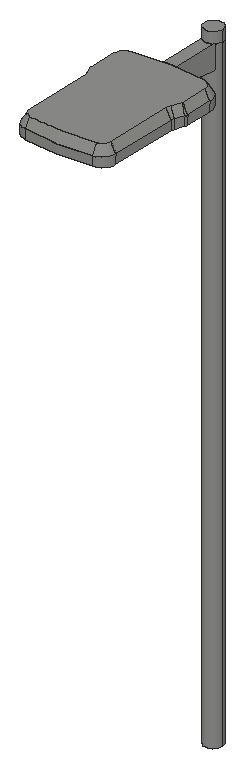
Revit family "VP-4-A_", category Lighting Fixtures, host Face, Revit 2019 (continued)
Definition of nested family "SIZE4"
  Forms (in)
    Extrusion 49, solid, material <- "Glass"
      sketch origin (-5, 0, -5.875) x (-1, 0, 0) y (0, 0, -1)
        loop
          arc (-2.59181, -28.0909) -> (-2.66504, -27.91412) -> (-2.84181, -27.8409) r 0.25
          line (-2.84181, -27.8409) -> (-7.16655, -27.8409)
          arc (-7.16655, -27.8409) -> (-7.34333, -27.91412) -> (-7.41655, -28.0909) r 0.25
          line (-7.41655, -28.0909) -> (-7.41655, -32.5909)
          arc (-7.41655, -32.5909) -> (-7.34333, -32.76768) -> (-7.16655, -32.8409) r 0.25
      from 1.35 to 1.37213
    Extrusion 50, solid, material <- "Glass"
      sketch origin (0.375, 0, -11.375) x (1, 0, 0) y (0, 0, 1)
        loop
          circle (-7.47829, 32.33694) r 0.15
        loop
          circle (-6.95955, 32.33694) r 0.15
        loop
          circle (-6.4408, 32.33694) r 0.15
        loop
          circle (-5.92205, 32.33694) r 0.15
        loop
          circle (-5.4033, 32.33694) r 0.15
        loop
          circle (-4.88455, 32.33694) r 0.15
        loop
          circle (-4.3658, 32.33694) r 0.15
        loop
          circle (-3.84705, 32.33694) r 0.15
        loop
          circle (-3.32831, 32.33694) r 0.15
        loop
          circle (-7.47829, 31.83694) r 0.15
        loop
          circle (-6.95955, 31.83694) r 0.15
        loop
          circle (-6.4408, 31.83694) r 0.15
        loop
          circle (-5.92205, 31.83694) r 0.15
        loop
          circle (-5.4033, 31.83694) r 0.15
        loop
          circle (-4.88455, 31.83694) r 0.15
        loop
          circle (-4.3658, 31.83694) r 0.15
        loop
          circle (-3.84705, 31.83694) r 0.15
        loop
          circle (-3.32831, 31.83694) r 0.15
        loop
          circle (-7.47829, 31.33694) r 0.15
        loop
          circle (-6.95955, 31.33694) r 0.15
        loop
          circle (-6.4408, 31.33694) r 0.15
        loop
          circle (-5.92205, 31.33694) r 0.15
        loop
          circle (-5.4033, 31.33694) r 0.15
        loop
          circle (-4.88455, 31.33694) r 0.15
        loop
          circle (-4.3658, 31.33694) r 0.15
        loop
          circle (-3.84705, 31.33694) r 0.15
        loop
          circle (-3.32831, 31.33694) r 0.15
        loop
          circle (-7.47829, 30.83694) r 0.15
        loop
          circle (-6.95955, 30.83694) r 0.15
        loop
          circle (-6.4408, 30.83694) r 0.15
        loop
          circle (-5.92205, 30.83694) r 0.15
        loop
          circle (-5.4033, 30.83694) r 0.15
        loop
          circle (-4.88455, 30.83694) r 0.15
        loop
          circle (-4.3658, 30.83694) r 0.15
        loop
          circle (-3.84705, 30.83694) r 0.15
        loop
          circle (-3.32831, 30.83694) r 0.15
        loop
          circle (-7.47829, 30.33694) r 0.15
        loop
          circle (-6.95955, 30.33694) r 0.15
        loop
          circle (-6.4408, 30.33694) r 0.15
        loop
          circle (-5.92205, 30.33694) r 0.15
        loop
          circle (-5.4033, 30.33694) r 0.15
        loop
          circle (-4.88455, 30.33694) r 0.15
        loop
          circle (-4.3658, 30.33694) r 0.15
        loop
          circle (-3.84705, 30.33694) r 0.15
        loop
          circle (-3.32831, 30.33694) r 0.15
        loop
          circle (-7.47829, 29.83694) r 0.15
        loop
          circle (-6.95955, 29.83694) r 0.15
        loop
          circle (-6.4408, 29.83694) r 0.15
        loop
          circle (-5.92205, 29.83694) r 0.15
        loop
          circle (-5.4033, 29.83694) r 0.15
        loop
          circle (-4.88455, 29.83694) r 0.15
        loop
          circle (-4.3658, 29.83694) r 0.15
        loop
          circle (-3.84705, 29.83694) r 0.15
        loop
          circle (-3.32831, 29.83694) r 0.15
        loop
          circle (-7.47829, 29.33694) r 0.15
        loop
          circle (-6.95955, 29.33694) r 0.15
        loop
          circle (-6.4408, 29.33694) r 0.15
        loop
          circle (-5.92205, 29.33694) r 0.15
        loop
          circle (-5.4033, 29.33694) r 0.15
        loop
          circle (-4.88455, 29.33694) r 0.15
        loop
          circle (-4.3658, 29.33694) r 0.15
        loop
          circle (-3.84705, 29.33694) r 0.15
        loop
          circle (-3.32831, 29.33694) r 0.15
        loop
          circle (-7.47829, 28.83694) r 0.15
        loop
          circle (-6.95955, 28.83694) r 0.15
        loop
          circle (-6.4408, 28.83694) r 0.15
        loop
          circle (-5.92205, 28.83694) r 0.15
        loop
          circle (-5.4033, 28.83694) r 0.15
        loop
          circle (-4.88455, 28.83694) r 0.15
        loop
          circle (-4.3658, 28.83694) r 0.15
        loop
          circle (-3.84705, 28.83694) r 0.15
        loop
          circle (-3.32831, 28.83694) r 0.15
        loop
          circle (-7.47829, 28.33694) r 0.15
        loop
          circle (-6.95955, 28.33694) r 0.15
        loop
          circle (-6.4408, 28.33694) r 0.15
        loop
          circle (-5.92205, 28.33694) r 0.15
        loop
          circle (-5.4033, 28.33694) r 0.15
        loop
          circle (-4.88455, 28.33694) r 0.15
        loop
          circle (-4.3658, 28.33694) r 0.15
        loop
          circle (-3.84705, 28.33694) r 0.15
        loop
          circle (-3.32831, 28.33694) r 0.15
      from 1.35 to 1.4
    Extrusion 51, solid, material <- "Glass"
      sketch origin (0, 0, -11.375) x (1, 0, 0) y (0, 0, 1)
        loop
          arc (-7.16655, 32.8409) -> (-7.34333, 32.76768) -> (-7.41655, 32.5909) r 0.25
          line (-7.41655, 32.5909) -> (-7.41655, 28.0909)
          arc (-7.41655, 28.0909) -> (-7.34333, 27.91412) -> (-7.16655, 27.8409) r 0.25
          line (-7.16655, 27.8409) -> (-2.81123, 27.8409)
          arc (-2.81123, 27.8409) -> (-2.63446, 27.91412) -> (-2.56123, 28.0909) r 0.25
          line (-2.56123, 28.0909) -> (-2.56123, 32.5909)
          arc (-2.56123, 32.5909) -> (-2.63446, 32.76768) -> (-2.81123, 32.8409) r 0.25
          line (-2.81123, 32.8409) -> (-7.16655, 32.8409)
      from 1.35 to 1.37213
    Extrusion 52, solid, material <- "Glass"
      sketch origin (-0.375, 0, -11.375) x (-1, 0, 0) y (0, 0, -1)
        loop
          circle (-7.47829, -32.33694) r 0.15
        loop
          circle (-6.95955, -32.33694) r 0.15
        loop
          circle (-6.4408, -32.33694) r 0.15
        loop
          circle (-5.92205, -32.33694) r 0.15
        loop
          circle (-5.4033, -32.33694) r 0.15
        loop
          circle (-4.88455, -32.33694) r 0.15
        loop
          circle (-4.3658, -32.33694) r 0.15
        loop
          circle (-3.84705, -32.33694) r 0.15
        loop
          circle (-3.32831, -32.33694) r 0.15
        loop
          circle (-7.47829, -31.83694) r 0.15
        loop
          circle (-6.95955, -31.83694) r 0.15
        loop
          circle (-6.4408, -31.83694) r 0.15
        loop
          circle (-5.92205, -31.83694) r 0.15
        loop
          circle (-5.4033, -31.83694) r 0.15
        loop
          circle (-4.88455, -31.83694) r 0.15
        loop
          circle (-4.3658, -31.83694) r 0.15
        loop
          circle (-3.84705, -31.83694) r 0.15
        loop
          circle (-3.32831, -31.83694) r 0.15
        loop
          circle (-7.47829, -31.33694) r 0.15
        loop
          circle (-6.95955, -31.33694) r 0.15
        loop
          circle (-6.4408, -31.33694) r 0.15
        loop
          circle (-5.92205, -31.33694) r 0.15
        loop
          circle (-5.4033, -31.33694) r 0.15
        loop
          circle (-4.88455, -31.33694) r 0.15
        loop
          circle (-4.3658, -31.33694) r 0.15
        loop
          circle (-3.84705, -31.33694) r 0.15
        loop
          circle (-3.32831, -31.33694) r 0.15
        loop
          circle (-7.47829, -30.83694) r 0.15
        loop
          circle (-6.95955, -30.83694) r 0.15
        loop
          circle (-6.4408, -30.83694) r 0.15
        loop
          circle (-5.92205, -30.83694) r 0.15
        loop
          circle (-5.4033, -30.83694) r 0.15
        loop
          circle (-4.88455, -30.83694) r 0.15
        loop
          circle (-4.3658, -30.83694) r 0.15
        loop
          circle (-3.84705, -30.83694) r 0.15
        loop
          circle (-3.32831, -30.83694) r 0.15
        loop
          circle (-7.47829, -30.33694) r 0.15
        loop
          circle (-6.95955, -30.33694) r 0.15
        loop
          circle (-6.4408, -30.33694) r 0.15
        loop
          circle (-5.92205, -30.33694) r 0.15
        loop
          circle (-5.4033, -30.33694) r 0.15
        loop
          circle (-4.88455, -30.33694) r 0.15
        loop
          circle (-4.3658, -30.33694) r 0.15
        loop
          circle (-3.84705, -30.33694) r 0.15
        loop
          circle (-3.32831, -30.33694) r 0.15
        loop
          circle (-7.47829, -29.83694) r 0.15
        loop
          circle (-6.95955, -29.83694) r 0.15
        loop
          circle (-6.4408, -29.83694) r 0.15
        loop
          circle (-5.92205, -29.83694) r 0.15
        loop
          circle (-5.4033, -29.83694) r 0.15
        loop
          circle (-4.88455, -29.83694) r 0.15
        loop
          circle (-4.3658, -29.83694) r 0.15
        loop
          circle (-3.84705, -29.83694) r 0.15
        loop
          circle (-3.32831, -29.83694) r 0.15
        loop
          circle (-7.47829, -29.33694) r 0.15
        loop
          circle (-6.95955, -29.33694) r 0.15
        loop
          circle (-6.4408, -29.33694) r 0.15
        loop
          circle (-5.92205, -29.33694) r 0.15
        loop
          circle (-5.4033, -29.33694) r 0.15
        loop
          circle (-4.88455, -29.33694) r 0.15
        loop
          circle (-4.3658, -29.33694) r 0.15
        loop
          circle (-3.84705, -29.33694) r 0.15
        loop
          circle (-3.32831, -29.33694) r 0.15
        loop
          circle (-7.47829, -28.83694) r 0.15
        loop
          circle (-6.95955, -28.83694) r 0.15
        loop
          circle (-6.4408, -28.83694) r 0.15
        loop
          circle (-5.92205, -28.83694) r 0.15
        loop
          circle (-5.4033, -28.83694) r 0.15
        loop
          circle (-4.88455, -28.83694) r 0.15
        loop
          circle (-4.3658, -28.83694) r 0.15
        loop
          circle (-3.84705, -28.83694) r 0.15
        loop
          circle (-3.32831, -28.83694) r 0.15
        loop
          circle (-7.47829, -28.33694) r 0.15
        loop
          circle (-6.95955, -28.33694) r 0.15
        loop
          circle (-6.4408, -28.33694) r 0.15
        loop
          circle (-5.92205, -28.33694) r 0.15
        loop
          circle (-5.4033, -28.33694) r 0.15
        loop
          circle (-4.88455, -28.33694) r 0.15
        loop
          circle (-4.3658, -28.33694) r 0.15
        loop
          circle (-3.84705, -28.33694) r 0.15
        loop
          circle (-3.32831, -28.33694) r 0.15
      from 1.35 to 1.4
    Extrusion 53, solid, material <- "Glass"
      sketch origin (0, 0, -11.375) x (-1, 0, 0) y (0, 0, -1)
        loop
          line (-7.16655, -32.8409) -> (-2.84181, -32.8409)
          arc (-2.84181, -32.8409) -> (-2.66504, -32.76768) -> (-2.59181, -32.5909) r 0.25
          line (-2.59181, -32.5909) -> (-2.59181, -28.0909)
          arc (-2.59181, -28.0909) -> (-2.66504, -27.91412) -> (-2.84181, -27.8409) r 0.25
          line (-2.84181, -27.8409) -> (-7.16655, -27.8409)
          arc (-7.16655, -27.8409) -> (-7.34333, -27.91412) -> (-7.41655, -28.0909) r 0.25
          line (-7.41655, -28.0909) -> (-7.41655, -32.5909)
          arc (-7.41655, -32.5909) -> (-7.34333, -32.76768) -> (-7.16655, -32.8409) r 0.25
      from 1.35 to 1.37213
    Extrusion 54, solid, material <- "Glass"
      sketch origin (-5.375, 0, -11.375) x (-1, 0, 0) y (0, 0, -1)
        loop
          circle (-7.47829, -32.33694) r 0.15
        loop
          circle (-6.95955, -32.33694) r 0.15
        loop
          circle (-6.4408, -32.33694) r 0.15
        loop
          circle (-5.92205, -32.33694) r 0.15
        loop
          circle (-5.4033, -32.33694) r 0.15
        loop
          circle (-4.88455, -32.33694) r 0.15
        loop
          circle (-4.3658, -32.33694) r 0.15
        loop
          circle (-3.84705, -32.33694) r 0.15
        loop
          circle (-3.32831, -32.33694) r 0.15
        loop
          circle (-7.47829, -31.83694) r 0.15
        loop
          circle (-6.95955, -31.83694) r 0.15
        loop
          circle (-6.4408, -31.83694) r 0.15
        loop
          circle (-5.92205, -31.83694) r 0.15
        loop
          circle (-5.4033, -31.83694) r 0.15
        loop
          circle (-4.88455, -31.83694) r 0.15
        loop
          circle (-4.3658, -31.83694) r 0.15
        loop
          circle (-3.84705, -31.83694) r 0.15
        loop
          circle (-3.32831, -31.83694) r 0.15
        loop
          circle (-7.47829, -31.33694) r 0.15
        loop
          circle (-6.95955, -31.33694) r 0.15
        loop
          circle (-6.4408, -31.33694) r 0.15
        loop
          circle (-5.92205, -31.33694) r 0.15
        loop
          circle (-5.4033, -31.33694) r 0.15
        loop
          circle (-4.88455, -31.33694) r 0.15
        loop
          circle (-4.3658, -31.33694) r 0.15
        loop
          circle (-3.84705, -31.33694) r 0.15
        loop
          circle (-3.32831, -31.33694) r 0.15
        loop
          circle (-7.47829, -30.83694) r 0.15
        loop
          circle (-6.95955, -30.83694) r 0.15
        loop
          circle (-6.4408, -30.83694) r 0.15
        loop
          circle (-5.92205, -30.83694) r 0.15
        loop
          circle (-5.4033, -30.83694) r 0.15
        loop
          circle (-4.88455, -30.83694) r 0.15
        loop
          circle (-4.3658, -30.83694) r 0.15
        loop
          circle (-3.84705, -30.83694) r 0.15
        loop
          circle (-3.32831, -30.83694) r 0.15
        loop
          circle (-7.47829, -30.33694) r 0.15
        loop
          circle (-6.95955, -30.33694) r 0.15
        loop
          circle (-6.4408, -30.33694) r 0.15
        loop
          circle (-5.92205, -30.33694) r 0.15
        loop
          circle (-5.4033, -30.33694) r 0.15
        loop
          circle (-4.88455, -30.33694) r 0.15
        loop
          circle (-4.3658, -30.33694) r 0.15
        loop
          circle (-3.84705, -30.33694) r 0.15
        loop
          circle (-3.32831, -30.33694) r 0.15
        loop
          circle (-7.47829, -29.83694) r 0.15
        loop
          circle (-6.95955, -29.83694) r 0.15
        loop
          circle (-6.4408, -29.83694) r 0.15
        loop
          circle (-5.92205, -29.83694) r 0.15
        loop
          circle (-5.4033, -29.83694) r 0.15
        loop
          circle (-4.88455, -29.83694) r 0.15
        loop
          circle (-4.3658, -29.83694) r 0.15
        loop
          circle (-3.84705, -29.83694) r 0.15
        loop
          circle (-3.32831, -29.83694) r 0.15
        loop
          circle (-7.47829, -29.33694) r 0.15
        loop
          circle (-6.95955, -29.33694) r 0.15
        loop
          circle (-6.4408, -29.33694) r 0.15
        loop
          circle (-5.92205, -29.33694) r 0.15
        loop
          circle (-5.4033, -29.33694) r 0.15
        loop
          circle (-4.88455, -29.33694) r 0.15
        loop
          circle (-4.3658, -29.33694) r 0.15
        loop
          circle (-3.84705, -29.33694) r 0.15
        loop
          circle (-3.32831, -29.33694) r 0.15
        loop
          circle (-7.47829, -28.83694) r 0.15
        loop
          circle (-6.95955, -28.83694) r 0.15
        loop
          circle (-6.4408, -28.83694) r 0.15
        loop
          circle (-5.92205, -28.83694) r 0.15
        loop
          circle (-5.4033, -28.83694) r 0.15
        loop
          circle (-4.88455, -28.83694) r 0.15
        loop
          circle (-4.3658, -28.83694) r 0.15
        loop
          circle (-3.84705, -28.83694) r 0.15
        loop
          circle (-3.32831, -28.83694) r 0.15
        loop
          circle (-7.47829, -28.33694) r 0.15
        loop
          circle (-6.95955, -28.33694) r 0.15
        loop
          circle (-6.4408, -28.33694) r 0.15
        loop
          circle (-5.92205, -28.33694) r 0.15
        loop
          circle (-5.4033, -28.33694) r 0.15
        loop
          circle (-4.88455, -28.33694) r 0.15
        loop
          circle (-4.3658, -28.33694) r 0.15
        loop
          circle (-3.84705, -28.33694) r 0.15
        loop
          circle (-3.32831, -28.33694) r 0.15
      from 1.35 to 1.4
    Extrusion 55, solid, material <- "Glass"
      sketch origin (-5, 0, -11.375) x (-1, 0, 0) y (0, 0, -1)
        loop
          line (-7.16655, -32.8409) -> (-2.84181, -32.8409)
          arc (-2.84181, -32.8409) -> (-2.66504, -32.76768) -> (-2.59181, -32.5909) r 0.25
          line (-2.59181, -32.5909) -> (-2.59181, -28.0909)
          arc (-2.59181, -28.0909) -> (-2.66504, -27.91412) -> (-2.84181, -27.8409) r 0.25
          line (-2.84181, -27.8409) -> (-7.16655, -27.8409)
          arc (-7.16655, -27.8409) -> (-7.34333, -27.91412) -> (-7.41655, -28.0909) r 0.25
          line (-7.41655, -28.0909) -> (-7.41655, -32.5909)
          arc (-7.41655, -32.5909) -> (-7.34333, -32.76768) -> (-7.16655, -32.8409) r 0.25
      from 1.35 to 1.37213
    Extrusion 56, solid, material <- "Fixture"
      sketch origin (0.125, 0, 2.5) x (1, 0, 0) y (0, 0, 1)
        loop
          arc (8.61601, 29.87811) -> (7.91353, 31.61742) -> (6.20018, 32.38102) r 2.50448
          arc (6.20018, 32.38102) -> (-0.18326, 32.81078) -> (-6.56625, 32.37421) r 47.24839
          arc (-6.56625, 32.37421) -> (-8.20342, 31.57512) -> (-8.86601, 29.87811) r 2.50448
          line (-8.86601, 29.87811) -> (-8.86601, 16.83541)
          arc (-8.86601, 16.83541) -> (-8.89448, 16.52871) -> (-8.97892, 16.2325) r 1.66606
          line (-8.97892, 16.2325) -> (-9.6766, 14.43524)
          arc (-9.6766, 14.43524) -> (-9.74427, 14.21755) -> (-9.78142, 13.99263) r 1.65645
          line (-9.78142, 13.99263) -> (-9.78142, 8.65741)
          arc (-9.78142, 8.65741) -> (-8.97209, 6.60779) -> (-6.98078, 5.66404) r 3
          arc (-6.98078, 5.66404) -> (0.01001, 4.99965) -> (7.00057, 5.66642) r 37.04471
          arc (7.00057, 5.66642) -> (8.81758, 6.67941) -> (9.53886, 8.63067) r 3
          line (9.53886, 8.63067) -> (9.53886, 13.83581)
          arc (9.53886, 13.83581) -> (9.51055, 14.14073) -> (9.4266, 14.43524) r 1.65645
          line (9.4266, 14.43524) -> (8.72892, 16.2325)
          arc (8.72892, 16.2325) -> (8.64448, 16.52871) -> (8.61601, 16.83541) r 1.66606
          line (8.61601, 16.83541) -> (8.61601, 29.87811)
      from 0 to 1.74
    Blend 57, solid, material <- "Fixture"
      base sketch origin (0, 0, 0) x (1, 0, 0) y (0, 0, 1)
        loop
          arc (-9.5516, 16.93524) -> (-9.61927, 16.71755) -> (-9.65642, 16.49263) r 1.65645
          line (-9.65642, 16.49263) -> (-9.65642, 11.15741)
          arc (-9.65642, 11.15741) -> (-8.84709, 9.10779) -> (-6.85578, 8.16404) r 3
          arc (-6.85578, 8.16404) -> (0.13501, 7.49965) -> (7.12557, 8.16642) r 37.04471
          arc (7.12557, 8.16642) -> (8.94258, 9.17941) -> (9.66386, 11.13067) r 3
          line (9.66386, 11.13067) -> (9.66386, 16.33581)
          arc (9.66386, 16.33581) -> (9.63555, 16.64073) -> (9.5516, 16.93524) r 1.65645
          line (9.5516, 16.93524) -> (8.85392, 18.7325)
          arc (8.85392, 18.7325) -> (8.76948, 19.02871) -> (8.74101, 19.33541) r 1.66606
          line (8.74101, 19.33541) -> (8.74101, 32.37811)
          arc (8.74101, 32.37811) -> (8.03853, 34.11742) -> (6.32518, 34.88102) r 2.50448
          arc (6.32518, 34.88102) -> (-0.05826, 35.31078) -> (-6.44125, 34.87421) r 47.24839
          arc (-6.44125, 34.87421) -> (-8.07842, 34.07512) -> (-8.74101, 32.37811) r 2.50448
          line (-8.74101, 32.37811) -> (-8.74101, 19.33541)
          arc (-8.74101, 19.33541) -> (-8.76948, 19.02871) -> (-8.85392, 18.7325) r 1.66606
          line (-8.85392, 18.7325) -> (-9.5516, 16.93524)
      top sketch origin (0, 0, 0) x (1, 0, 0) y (0, 0, 1)
        loop
          line (-8.65642, 16.43436) -> (-8.65642, 11.15741)
          arc (-8.65642, 11.15741) -> (-8.09764, 9.77073) -> (-6.73353, 9.1589) r 2
          arc (-6.73353, 9.1589) -> (0.1108, 8.49965) -> (6.95577, 9.15209) r 36.04471
          arc (6.95577, 9.15209) -> (8.17777, 9.82373) -> (8.66386, 11.13067) r 2
          line (8.66386, 11.13067) -> (8.66386, 16.33581)
          arc (8.66386, 16.33581) -> (8.65264, 16.45665) -> (8.61937, 16.57336) r 0.65645
          line (8.61937, 16.57336) -> (7.9217, 18.37062)
          arc (7.9217, 18.37062) -> (7.78657, 18.84463) -> (7.74101, 19.33541) r 2.66606
          line (7.74101, 19.33541) -> (7.74101, 32.37811)
          arc (7.74101, 32.37811) -> (7.3037, 33.43858) -> (6.246, 33.88256) r 1.50448
          arc (6.246, 33.88256) -> (-0.04498, 34.31079) -> (-6.33575, 33.87932) r 46.24839
          arc (-6.33575, 33.87932) -> (-7.33487, 33.40626) -> (-7.74101, 32.37811) r 1.50448
          line (-7.74101, 32.37811) -> (-7.74101, 19.33541)
          arc (-7.74101, 19.33541) -> (-7.78657, 18.84463) -> (-7.9217, 18.37062) r 2.66606
          line (-7.9217, 18.37062) -> (-8.61937, 16.57336)
          arc (-8.61937, 16.57336) -> (-8.64172, 16.50488) -> (-8.65642, 16.43436) r 0.65645
      from 0 to -1.74
  Cuts and joins
    Extrusion 3, Extrusion 41 cuts Extrusion 2
    Extrusion 3, Extrusion 41 cuts Extrusion 56
  Dimensions and locks (in)
    equal spacing: plane 4, plane 3 "Center (Left/Right)", plane 5
    "Width": plane 4 to plane 5
    "Length": plane 7 to plane 6
    "Mount Length": plane 6 to plane 2
    aligned and locked: plane 2 to Extrusion 1
    aligned and locked: level to Extrusion 1
  Automatic sketch dimensions
    Extrusion 1 sketch curve to Extrusion 1 sketch curve = 96.00"  (x2)
    Extrusion 2 sketch curve to plane 9 = 0.00"
    Extrusion 2 sketch curve to plane 8 = 0.1611"
    plane 8 to Extrusion 2 sketch curve = 1.12955"
    Extrusion 2 sketch curve to level = 1.406"
    plane 6 to Extrusion 2 sketch curve = 1.01105"
    plane 5 to Extrusion 3 sketch curve = 1.40392"
    plane 3 "Center (Left/Right)" to Extrusion 3 sketch curve = 0.06506"
    Extrusion 3 sketch curve to plane 4 = 1.25"
    Extrusion 3 sketch curve to level = 39.4018"
    plane 6 to Extrusion 3 sketch curve = 7.65635"
    Extrusion 3 sketch curve to plane 7 = 2.31818"
    plane 5 to Extrusion 4 sketch curve = 2.15013"
    Extrusion 4 sketch curve to Extrusion 4 sketch curve = 0.35"  (x3)
    Extrusion 4 sketch curve to plane 4 = 2.50013"  (x2)
    Extrusion 4 sketch curve to plane 7 = 8.31818"
    Extrusion 4 sketch curve to plane 7 = 3.16818"
    plane 5 to Extrusion 5 sketch curve = 2.70671"
    Extrusion 5 sketch curve to Extrusion 5 sketch curve = 0.00"  (x61)
    Extrusion 5 sketch curve to Extrusion 5 sketch curve = 0.51875"  (x27)
    Extrusion 5 sketch curve to plane 7 = 7.51806"
    Extrusion 5 sketch curve to Extrusion 5 sketch curve = 0.50"  (x72)
    plane 5 to Extrusion 6 sketch curve = 2.39345"
    Extrusion 6 sketch curve to Extrusion 6 sketch curve = 0.25"  (x3)
    Extrusion 6 sketch curve to plane 3 "Center (Left/Right)" = 2.81123"  (x2)
    Extrusion 6 sketch curve to plane 7 = 8.0141"
    Extrusion 6 sketch curve to plane 7 = 3.2641"
    Extrusion 7 sketch curve to plane 4 = 2.12307"
    Extrusion 7 sketch curve to plane 8 = 0.46661"
    Extrusion 7 sketch curve to Extrusion 7 sketch curve = 0.02618"
    Extrusion 7 sketch curve to Extrusion 7 sketch curve = 0.1119"
    Extrusion 7 sketch curve to plane 8 = 0.03691"
    Extrusion 7 sketch curve to Extrusion 7 sketch curve = 0.36056"
    Extrusion 7 sketch curve to plane 8 = 0.00781"
    Extrusion 7 sketch curve to Extrusion 7 sketch curve = 0.06241"
    Extrusion 7 sketch curve to Extrusion 7 sketch curve = 0.42393"
    Extrusion 7 sketch curve to Extrusion 7 sketch curve = 0.73219"
    plane 4 to Extrusion 8 sketch curve = 2.70671"
    Extrusion 8 sketch curve to Extrusion 8 sketch curve = 0.00"  (x61)
    Extrusion 8 sketch curve to Extrusion 8 sketch curve = 0.51875"  (x27)
    plane 7 to Extrusion 8 sketch curve = 7.51806"
    Extrusion 8 sketch curve to Extrusion 8 sketch curve = 0.50"  (x72)
    plane 4 to Extrusion 9 sketch curve = 2.39345"
    Extrusion 9 sketch curve to Extrusion 9 sketch curve = 0.25"  (x3)
    Extrusion 9 sketch curve to plane 3 "Center (Left/Right)" = 2.84181"  (x2)
    plane 7 to Extrusion 9 sketch curve = 8.0141"
    plane 7 to Extrusion 9 sketch curve = 3.2641"
    plane 5 to Extrusion 10 sketch curve = 2.15013"
    Extrusion 10 sketch curve to Extrusion 10 sketch curve = 0.35"  (x3)
    Extrusion 10 sketch curve to plane 4 = 2.50013"  (x2)
    Extrusion 10 sketch curve to plane 7 = 13.81818"
    Extrusion 10 sketch curve to Extrusion 10 sketch curve = 4.80"
    Extrusion 11 sketch curve to plane 5 = 2.15013"
    Extrusion 11 sketch curve to Extrusion 11 sketch curve = 0.35"  (x3)
    plane 4 to Extrusion 11 sketch curve = 2.50013"  (x2)
    plane 7 to Extrusion 11 sketch curve = 13.81818"
    Extrusion 11 sketch curve to Extrusion 11 sketch curve = 4.80"
    Extrusion 12 sketch curve to plane 4 = 2.12307"
    Extrusion 12 sketch curve to plane 8 = 0.46661"
    Extrusion 12 sketch curve to Extrusion 12 sketch curve = 0.02618"
    Extrusion 12 sketch curve to Extrusion 12 sketch curve = 0.1119"
    Extrusion 12 sketch curve to plane 8 = 0.03691"
    Extrusion 12 sketch curve to Extrusion 12 sketch curve = 0.36056"
    Extrusion 12 sketch curve to plane 8 = 0.00781"
    Extrusion 12 sketch curve to Extrusion 12 sketch curve = 0.06241"
    Extrusion 12 sketch curve to Extrusion 12 sketch curve = 0.42393"
    Extrusion 12 sketch curve to Extrusion 12 sketch curve = 0.73219"
    Extrusion 13 sketch curve to plane 4 = 2.12307"
    Extrusion 13 sketch curve to plane 8 = 0.46661"
    Extrusion 13 sketch curve to Extrusion 13 sketch curve = 0.02618"
    Extrusion 13 sketch curve to Extrusion 13 sketch curve = 0.1119"
    Extrusion 13 sketch curve to plane 8 = 0.03691"
    Extrusion 13 sketch curve to Extrusion 13 sketch curve = 0.36056"
    Extrusion 13 sketch curve to plane 8 = 0.00781"
    Extrusion 13 sketch curve to Extrusion 13 sketch curve = 0.06241"
    Extrusion 13 sketch curve to Extrusion 13 sketch curve = 0.42393"
    Extrusion 13 sketch curve to Extrusion 13 sketch curve = 0.73219"
    Extrusion 14 sketch curve to plane 4 = 2.12307"
    Extrusion 14 sketch curve to plane 8 = 0.46661"
    Extrusion 14 sketch curve to Extrusion 14 sketch curve = 0.02618"
    Extrusion 14 sketch curve to Extrusion 14 sketch curve = 0.08572"
    Extrusion 14 sketch curve to plane 8 = 0.03691"
    Extrusion 14 sketch curve to Extrusion 14 sketch curve = 0.36056"
    Extrusion 14 sketch curve to plane 8 = 0.00781"
    Extrusion 14 sketch curve to Extrusion 14 sketch curve = 0.06241"
    Extrusion 14 sketch curve to Extrusion 14 sketch curve = 0.42393"
    Extrusion 14 sketch curve to Extrusion 14 sketch curve = 0.73219"
    Extrusion 15 sketch curve to plane 4 = 2.12307"
    Extrusion 15 sketch curve to plane 8 = 0.46661"
    Extrusion 15 sketch curve to Extrusion 15 sketch curve = 0.02618"
    Extrusion 15 sketch curve to Extrusion 15 sketch curve = 0.1119"
    Extrusion 15 sketch curve to plane 8 = 0.03691"
    Extrusion 15 sketch curve to Extrusion 15 sketch curve = 0.36056"
    Extrusion 15 sketch curve to plane 8 = 0.00781"
    Extrusion 15 sketch curve to Extrusion 15 sketch curve = 0.06241"
    Extrusion 15 sketch curve to Extrusion 15 sketch curve = 0.42393"
    Extrusion 15 sketch curve to Extrusion 15 sketch curve = 0.73219"
    Extrusion 16 sketch curve to plane 4 = 2.12307"
    Extrusion 16 sketch curve to plane 8 = 0.46661"
    Extrusion 16 sketch curve to Extrusion 16 sketch curve = 0.02618"
    Extrusion 16 sketch curve to Extrusion 16 sketch curve = 0.1119"
    Extrusion 16 sketch curve to plane 8 = 0.03691"
    Extrusion 16 sketch curve to Extrusion 16 sketch curve = 0.36056"
    Extrusion 16 sketch curve to plane 8 = 0.00781"
    Extrusion 16 sketch curve to Extrusion 16 sketch curve = 0.06241"
    Extrusion 16 sketch curve to Extrusion 16 sketch curve = 0.42393"
    Extrusion 16 sketch curve to Extrusion 16 sketch curve = 0.73219"
    Extrusion 17 sketch curve to plane 4 = 2.12307"
    Extrusion 17 sketch curve to plane 8 = 0.46661"
    Extrusion 17 sketch curve to Extrusion 17 sketch curve = 0.02618"
    Extrusion 17 sketch curve to Extrusion 17 sketch curve = 0.1119"
    Extrusion 17 sketch curve to plane 8 = 0.03691"
    Extrusion 17 sketch curve to Extrusion 17 sketch curve = 0.36056"
    Extrusion 17 sketch curve to plane 8 = 0.00781"
    Extrusion 17 sketch curve to Extrusion 17 sketch curve = 0.06241"
    Extrusion 17 sketch curve to Extrusion 17 sketch curve = 0.42393"
    Extrusion 17 sketch curve to Extrusion 17 sketch curve = 0.73219"
    Extrusion 18 sketch curve to plane 4 = 2.12307"
    Extrusion 18 sketch curve to plane 8 = 0.46661"
    Extrusion 18 sketch curve to Extrusion 18 sketch curve = 0.02618"
    Extrusion 18 sketch curve to Extrusion 18 sketch curve = 0.1119"
    Extrusion 18 sketch curve to plane 8 = 0.03691"
    Extrusion 18 sketch curve to Extrusion 18 sketch curve = 0.36056"
    Extrusion 18 sketch curve to plane 8 = 0.00781"
    Extrusion 18 sketch curve to Extrusion 18 sketch curve = 0.06241"
    Extrusion 18 sketch curve to Extrusion 18 sketch curve = 0.42393"
    Extrusion 18 sketch curve to Extrusion 18 sketch curve = 0.73219"
    Extrusion 19 sketch curve to plane 4 = 2.12307"
    Extrusion 19 sketch curve to plane 8 = 0.46661"
    Extrusion 19 sketch curve to Extrusion 19 sketch curve = 0.02618"
    Extrusion 19 sketch curve to Extrusion 19 sketch curve = 0.1119"
    Extrusion 19 sketch curve to plane 8 = 0.03691"
    Extrusion 19 sketch curve to Extrusion 19 sketch curve = 0.36056"
    Extrusion 19 sketch curve to plane 8 = 0.00781"
    Extrusion 19 sketch curve to Extrusion 19 sketch curve = 0.06241"
    Extrusion 19 sketch curve to Extrusion 19 sketch curve = 0.42393"
    Extrusion 19 sketch curve to Extrusion 19 sketch curve = 0.73219"
    Extrusion 20 sketch curve to plane 4 = 2.12307"
    Extrusion 20 sketch curve to plane 8 = 0.46661"
    Extrusion 20 sketch curve to Extrusion 20 sketch curve = 0.02618"
    Extrusion 20 sketch curve to Extrusion 20 sketch curve = 0.1119"
    Extrusion 20 sketch curve to plane 8 = 0.03691"
    Extrusion 20 sketch curve to Extrusion 20 sketch curve = 0.36056"
    Extrusion 20 sketch curve to plane 8 = 0.00781"
    Extrusion 20 sketch curve to Extrusion 20 sketch curve = 0.06241"
    Extrusion 20 sketch curve to Extrusion 20 sketch curve = 0.42393"
    Extrusion 20 sketch curve to Extrusion 20 sketch curve = 0.73219"
    Extrusion 21 sketch curve to plane 4 = 2.12307"
    Extrusion 21 sketch curve to plane 8 = 0.46661"
    Extrusion 21 sketch curve to Extrusion 21 sketch curve = 0.02618"
    Extrusion 21 sketch curve to Extrusion 21 sketch curve = 0.1119"
    Extrusion 21 sketch curve to plane 8 = 0.03691"
    Extrusion 21 sketch curve to Extrusion 21 sketch curve = 0.36056"
    Extrusion 21 sketch curve to plane 8 = 0.00781"
    Extrusion 21 sketch curve to Extrusion 21 sketch curve = 0.06241"
    Extrusion 21 sketch curve to Extrusion 21 sketch curve = 0.42393"
    Extrusion 21 sketch curve to Extrusion 21 sketch curve = 0.73219"
    Extrusion 22 sketch curve to plane 4 = 2.12307"
    Extrusion 22 sketch curve to plane 8 = 0.46661"
    Extrusion 22 sketch curve to Extrusion 22 sketch curve = 0.02618"
    Extrusion 22 sketch curve to Extrusion 22 sketch curve = 0.08572"
    Extrusion 22 sketch curve to plane 8 = 0.03691"
    Extrusion 22 sketch curve to Extrusion 22 sketch curve = 0.36056"
    Extrusion 22 sketch curve to plane 8 = 0.00781"
    Extrusion 22 sketch curve to Extrusion 22 sketch curve = 0.06241"
    Extrusion 22 sketch curve to Extrusion 22 sketch curve = 0.42393"
    Extrusion 22 sketch curve to Extrusion 22 sketch curve = 0.73219"
    Extrusion 23 sketch curve to plane 4 = 2.12307"
    Extrusion 23 sketch curve to plane 8 = 0.46661"
    Extrusion 23 sketch curve to Extrusion 23 sketch curve = 0.02618"
    Extrusion 23 sketch curve to Extrusion 23 sketch curve = 0.1119"
    Extrusion 23 sketch curve to plane 8 = 0.03691"
    Extrusion 23 sketch curve to Extrusion 23 sketch curve = 0.36056"
    Extrusion 23 sketch curve to plane 8 = 0.00781"
    Extrusion 23 sketch curve to Extrusion 23 sketch curve = 0.06241"
    Extrusion 23 sketch curve to Extrusion 23 sketch curve = 0.42393"
    Extrusion 23 sketch curve to Extrusion 23 sketch curve = 0.73219"
    Extrusion 24 sketch curve to plane 4 = 2.12307"
    Extrusion 24 sketch curve to plane 8 = 0.46661"
    Extrusion 24 sketch curve to Extrusion 24 sketch curve = 0.02618"
    Extrusion 24 sketch curve to Extrusion 24 sketch curve = 0.08572"
    Extrusion 24 sketch curve to plane 8 = 0.03691"
    Extrusion 24 sketch curve to Extrusion 24 sketch curve = 0.36056"
    Extrusion 24 sketch curve to plane 8 = 0.00781"
    Extrusion 24 sketch curve to Extrusion 24 sketch curve = 0.06241"
    Extrusion 24 sketch curve to Extrusion 24 sketch curve = 0.42393"
    Extrusion 24 sketch curve to Extrusion 24 sketch curve = 0.73219"
    Extrusion 25 sketch curve to plane 4 = 2.12307"
    Extrusion 25 sketch curve to plane 8 = 0.46661"
    Extrusion 25 sketch curve to Extrusion 25 sketch curve = 0.02618"
    Extrusion 25 sketch curve to Extrusion 25 sketch curve = 0.1119"
    Extrusion 25 sketch curve to plane 8 = 0.03691"
    Extrusion 25 sketch curve to Extrusion 25 sketch curve = 0.36056"
    Extrusion 25 sketch curve to plane 8 = 0.00781"
    Extrusion 25 sketch curve to Extrusion 25 sketch curve = 0.06241"
    Extrusion 25 sketch curve to Extrusion 25 sketch curve = 0.42393"
    Extrusion 25 sketch curve to Extrusion 25 sketch curve = 0.73219"
    plane 5 to Extrusion 26 sketch curve = 2.2012"
    Extrusion 26 sketch curve to plane 8 = 0.46661"
    Extrusion 26 sketch curve to Extrusion 26 sketch curve = 0.02618"
    Extrusion 26 sketch curve to Extrusion 26 sketch curve = 0.1119"
    Extrusion 26 sketch curve to plane 8 = 0.03691"
    Extrusion 26 sketch curve to Extrusion 26 sketch curve = 0.36056"
    Extrusion 26 sketch curve to plane 8 = 0.00781"
    Extrusion 26 sketch curve to Extrusion 26 sketch curve = 0.06241"
    Extrusion 26 sketch curve to Extrusion 26 sketch curve = 0.42393"
    Extrusion 26 sketch curve to Extrusion 26 sketch curve = 0.20146"
    plane 5 to Extrusion 27 sketch curve = 2.2012"
    Extrusion 27 sketch curve to plane 8 = 0.46661"
    Extrusion 27 sketch curve to Extrusion 27 sketch curve = 0.02618"
    Extrusion 27 sketch curve to Extrusion 27 sketch curve = 0.08572"
    Extrusion 27 sketch curve to plane 8 = 0.03691"
    Extrusion 27 sketch curve to Extrusion 27 sketch curve = 0.36056"
    Extrusion 27 sketch curve to plane 8 = 0.00781"
    Extrusion 27 sketch curve to Extrusion 27 sketch curve = 0.06241"
    Extrusion 27 sketch curve to Extrusion 27 sketch curve = 0.42393"
    Extrusion 27 sketch curve to Extrusion 27 sketch curve = 0.20146"
    plane 5 to Extrusion 28 sketch curve = 2.2012"
    Extrusion 28 sketch curve to plane 8 = 0.46661"
    Extrusion 28 sketch curve to Extrusion 28 sketch curve = 0.02618"
    Extrusion 28 sketch curve to Extrusion 28 sketch curve = 0.08572"
    Extrusion 28 sketch curve to plane 8 = 0.03691"
    Extrusion 28 sketch curve to Extrusion 28 sketch curve = 0.36056"
    Extrusion 28 sketch curve to plane 8 = 0.00781"
    Extrusion 28 sketch curve to Extrusion 28 sketch curve = 0.06241"
    Extrusion 28 sketch curve to Extrusion 28 sketch curve = 0.42393"
    Extrusion 28 sketch curve to Extrusion 28 sketch curve = 0.20146"
    plane 5 to Extrusion 29 sketch curve = 2.2012"
    Extrusion 29 sketch curve to plane 8 = 0.46661"
    Extrusion 29 sketch curve to Extrusion 29 sketch curve = 0.02618"
    Extrusion 29 sketch curve to Extrusion 29 sketch curve = 0.1119"
    Extrusion 29 sketch curve to plane 8 = 0.03691"
    Extrusion 29 sketch curve to Extrusion 29 sketch curve = 0.36056"
    Extrusion 29 sketch curve to plane 8 = 0.00781"
    Extrusion 29 sketch curve to Extrusion 29 sketch curve = 0.06241"
    Extrusion 29 sketch curve to Extrusion 29 sketch curve = 0.42393"
    Extrusion 29 sketch curve to Extrusion 29 sketch curve = 0.20146"
    plane 5 to Extrusion 30 sketch curve = 2.2012"
    Extrusion 30 sketch curve to plane 8 = 0.46661"
    Extrusion 30 sketch curve to Extrusion 30 sketch curve = 0.02618"
    Extrusion 30 sketch curve to Extrusion 30 sketch curve = 0.1119"
    Extrusion 30 sketch curve to plane 8 = 0.03691"
    Extrusion 30 sketch curve to Extrusion 30 sketch curve = 0.36056"
    Extrusion 30 sketch curve to plane 8 = 0.00781"
    Extrusion 30 sketch curve to Extrusion 30 sketch curve = 0.06241"
    Extrusion 30 sketch curve to Extrusion 30 sketch curve = 0.42393"
    Extrusion 30 sketch curve to Extrusion 30 sketch curve = 0.20146"
    plane 5 to Extrusion 31 sketch curve = 2.2012"
    Extrusion 31 sketch curve to plane 8 = 0.46661"
    Extrusion 31 sketch curve to Extrusion 31 sketch curve = 0.02618"
    Extrusion 31 sketch curve to Extrusion 31 sketch curve = 0.1119"
    Extrusion 31 sketch curve to plane 8 = 0.03691"
    Extrusion 31 sketch curve to Extrusion 31 sketch curve = 0.36056"
    Extrusion 31 sketch curve to plane 8 = 0.00781"
    Extrusion 31 sketch curve to Extrusion 31 sketch curve = 0.06241"
    Extrusion 31 sketch curve to Extrusion 31 sketch curve = 0.42393"
    Extrusion 31 sketch curve to Extrusion 31 sketch curve = 0.20146"
    plane 5 to Extrusion 32 sketch curve = 2.2012"
    Extrusion 32 sketch curve to plane 8 = 0.46661"
    Extrusion 32 sketch curve to Extrusion 32 sketch curve = 0.02618"
    Extrusion 32 sketch curve to Extrusion 32 sketch curve = 0.1119"
    Extrusion 32 sketch curve to plane 8 = 0.03691"
    Extrusion 32 sketch curve to Extrusion 32 sketch curve = 0.36056"
    Extrusion 32 sketch curve to plane 8 = 0.00781"
    Extrusion 32 sketch curve to Extrusion 32 sketch curve = 0.06241"
    Extrusion 32 sketch curve to Extrusion 32 sketch curve = 0.42393"
    Extrusion 32 sketch curve to Extrusion 32 sketch curve = 0.20146"
    plane 5 to Extrusion 33 sketch curve = 2.2012"
    Extrusion 33 sketch curve to plane 8 = 0.46661"
    Extrusion 33 sketch curve to Extrusion 33 sketch curve = 0.02618"
    Extrusion 33 sketch curve to Extrusion 33 sketch curve = 0.08572"
    Extrusion 33 sketch curve to plane 8 = 0.03691"
    Extrusion 33 sketch curve to Extrusion 33 sketch curve = 0.36056"
    Extrusion 33 sketch curve to plane 8 = 0.00781"
    Extrusion 33 sketch curve to Extrusion 33 sketch curve = 0.06241"
    Extrusion 33 sketch curve to Extrusion 33 sketch curve = 0.42393"
    Extrusion 33 sketch curve to Extrusion 33 sketch curve = 0.20146"
    plane 5 to Extrusion 34 sketch curve = 2.2012"
    Extrusion 34 sketch curve to plane 8 = 0.46661"
    Extrusion 34 sketch curve to Extrusion 34 sketch curve = 0.02618"
    Extrusion 34 sketch curve to Extrusion 34 sketch curve = 0.1119"
    Extrusion 34 sketch curve to plane 8 = 0.03691"
    Extrusion 34 sketch curve to Extrusion 34 sketch curve = 0.36056"
    Extrusion 34 sketch curve to plane 8 = 0.00781"
    Extrusion 34 sketch curve to Extrusion 34 sketch curve = 0.06241"
    Extrusion 34 sketch curve to Extrusion 34 sketch curve = 0.42393"
    Extrusion 34 sketch curve to Extrusion 34 sketch curve = 0.20146"
    plane 5 to Extrusion 35 sketch curve = 2.2012"
    Extrusion 35 sketch curve to plane 8 = 0.46661"
    Extrusion 35 sketch curve to Extrusion 35 sketch curve = 0.02618"
    Extrusion 35 sketch curve to Extrusion 35 sketch curve = 0.08572"
    Extrusion 35 sketch curve to plane 8 = 0.03691"
    Extrusion 35 sketch curve to Extrusion 35 sketch curve = 0.36056"
    Extrusion 35 sketch curve to plane 8 = 0.00781"
    Extrusion 35 sketch curve to Extrusion 35 sketch curve = 0.06241"
    Extrusion 35 sketch curve to Extrusion 35 sketch curve = 0.42393"
    Extrusion 35 sketch curve to Extrusion 35 sketch curve = 0.20146"
    plane 5 to Extrusion 36 sketch curve = 2.2012"
    Extrusion 36 sketch curve to plane 8 = 0.46661"
    Extrusion 36 sketch curve to Extrusion 36 sketch curve = 0.02618"
    Extrusion 36 sketch curve to Extrusion 36 sketch curve = 0.1119"
    Extrusion 36 sketch curve to plane 8 = 0.03691"
    Extrusion 36 sketch curve to Extrusion 36 sketch curve = 0.36056"
    Extrusion 36 sketch curve to plane 8 = 0.00781"
    Extrusion 36 sketch curve to Extrusion 36 sketch curve = 0.06241"
    Extrusion 36 sketch curve to Extrusion 36 sketch curve = 0.42393"
    Extrusion 36 sketch curve to Extrusion 36 sketch curve = 0.20146"
    plane 5 to Extrusion 37 sketch curve = 2.2012"
    Extrusion 37 sketch curve to plane 8 = 0.46661"
    Extrusion 37 sketch curve to Extrusion 37 sketch curve = 0.02618"
    Extrusion 37 sketch curve to Extrusion 37 sketch curve = 0.1119"
    Extrusion 37 sketch curve to plane 8 = 0.03691"
    Extrusion 37 sketch curve to Extrusion 37 sketch curve = 0.36056"
    Extrusion 37 sketch curve to plane 8 = 0.00781"
    Extrusion 37 sketch curve to Extrusion 37 sketch curve = 0.06241"
    Extrusion 37 sketch curve to Extrusion 37 sketch curve = 0.42393"
    Extrusion 37 sketch curve to Extrusion 37 sketch curve = 0.20146"
    plane 5 to Extrusion 38 sketch curve = 2.2012"
    Extrusion 38 sketch curve to plane 8 = 0.46661"
    Extrusion 38 sketch curve to Extrusion 38 sketch curve = 0.02618"
    Extrusion 38 sketch curve to Extrusion 38 sketch curve = 0.1119"
    Extrusion 38 sketch curve to plane 8 = 0.03691"
    Extrusion 38 sketch curve to Extrusion 38 sketch curve = 0.36056"
    Extrusion 38 sketch curve to plane 8 = 0.00781"
    Extrusion 38 sketch curve to Extrusion 38 sketch curve = 0.06241"
    Extrusion 38 sketch curve to Extrusion 38 sketch curve = 0.42393"
    Extrusion 38 sketch curve to Extrusion 38 sketch curve = 0.20146"
    plane 5 to Extrusion 39 sketch curve = 2.2012"
    Extrusion 39 sketch curve to plane 8 = 0.46661"
    Extrusion 39 sketch curve to Extrusion 39 sketch curve = 0.02618"
    Extrusion 39 sketch curve to Extrusion 39 sketch curve = 0.08572"
    Extrusion 39 sketch curve to plane 8 = 0.03691"
    Extrusion 39 sketch curve to Extrusion 39 sketch curve = 0.36056"
    Extrusion 39 sketch curve to plane 8 = 0.00781"
    Extrusion 39 sketch curve to Extrusion 39 sketch curve = 0.06241"
    Extrusion 39 sketch curve to Extrusion 39 sketch curve = 0.42393"
    Extrusion 39 sketch curve to Extrusion 39 sketch curve = 0.20146"
    plane 5 to Extrusion 40 sketch curve = 2.2012"
    Extrusion 40 sketch curve to plane 8 = 0.46661"
    Extrusion 40 sketch curve to Extrusion 40 sketch curve = 0.02618"
    Extrusion 40 sketch curve to Extrusion 40 sketch curve = 0.1119"
    Extrusion 40 sketch curve to plane 8 = 0.03691"
    Extrusion 40 sketch curve to Extrusion 40 sketch curve = 0.36056"
    Extrusion 40 sketch curve to plane 8 = 0.00781"
    Extrusion 40 sketch curve to Extrusion 40 sketch curve = 0.06241"
    Extrusion 40 sketch curve to Extrusion 40 sketch curve = 0.42393"
    Extrusion 40 sketch curve to Extrusion 40 sketch curve = 0.20146"
    plane 5 to Extrusion 41 sketch curve = 1.10793"
    plane 5 to Extrusion 41 sketch curve = 1.19965"
    Extrusion 41 sketch curve to Extrusion 41 sketch curve = 0.00"  (x2)
    Extrusion 41 sketch curve to plane 3 "Center (Left/Right)" = 0.00354"  (x6)
    Extrusion 41 sketch curve to plane 4 = 1.32465"
    Extrusion 41 sketch curve to plane 4 = 1.24"
    plane 6 to Extrusion 41 sketch curve = 3.30595"
    level to Extrusion 41 sketch curve = 10.85354"
    Extrusion 41 sketch curve to Extrusion 41 sketch curve = 0.27147"  (x2)
    Extrusion 41 sketch curve to Extrusion 41 sketch curve = 0.27118"  (x2)
    Extrusion 41 sketch curve to Extrusion 41 sketch curve = 0.47853"
    Extrusion 41 sketch curve to Extrusion 41 sketch curve = 0.47882"
    Extrusion 41 sketch curve to Extrusion 41 sketch curve = 1.01281"
    Extrusion 41 sketch curve to Extrusion 41 sketch curve = 1.01649"
    Extrusion 41 sketch curve to Extrusion 41 sketch curve = 1.00"  (x2)
    Extrusion 42 sketch curve to plane 3 "Center (Left/Right)" = 2.10329"
    Extrusion 42 sketch curve to Extrusion 42 sketch curve = 0.00"  (x51)
    Extrusion 42 sketch curve to Extrusion 42 sketch curve = 0.51875"  (x19)
    Extrusion 42 sketch curve to plane 3 "Center (Left/Right)" = 0.0283"  (x9)
    plane 3 "Center (Left/Right)" to Extrusion 42 sketch curve = 0.49045"  (x9)
    plane 7 to Extrusion 42 sketch curve = 7.51806"
    Extrusion 42 sketch curve to Extrusion 42 sketch curve = 0.50"  (x72)
    Extrusion 43 sketch curve to plane 3 "Center (Left/Right)" = 2.41655"
    Extrusion 43 sketch curve to Extrusion 43 sketch curve = 0.25"  (x3)
    plane 3 "Center (Left/Right)" to Extrusion 43 sketch curve = 2.15819"  (x2)
    plane 7 to Extrusion 43 sketch curve = 8.0141"
    plane 7 to Extrusion 43 sketch curve = 3.2641"
    plane 5 to Extrusion 44 sketch curve = 2.70671"
    Extrusion 44 sketch curve to Extrusion 44 sketch curve = 0.00"  (x61)
    Extrusion 44 sketch curve to Extrusion 44 sketch curve = 0.51875"  (x27)
    Extrusion 44 sketch curve to plane 7 = 13.01806"
    Extrusion 44 sketch curve to Extrusion 44 sketch curve = 0.50"  (x72)
    plane 5 to Extrusion 45 sketch curve = 2.39345"
    Extrusion 45 sketch curve to Extrusion 45 sketch curve = 0.25"  (x3)
    Extrusion 45 sketch curve to plane 3 "Center (Left/Right)" = 2.81123"  (x2)
    Extrusion 45 sketch curve to plane 7 = 13.5141"
    Extrusion 45 sketch curve to Extrusion 45 sketch curve = 4.50"
    plane 4 to Extrusion 46 sketch curve = 2.70671"
    Extrusion 46 sketch curve to Extrusion 46 sketch curve = 0.00"  (x61)
    Extrusion 46 sketch curve to Extrusion 46 sketch curve = 0.51875"  (x27)
    plane 7 to Extrusion 46 sketch curve = 13.01806"
    Extrusion 46 sketch curve to Extrusion 46 sketch curve = 0.50"  (x72)
    plane 4 to Extrusion 47 sketch curve = 2.39345"
    Extrusion 47 sketch curve to Extrusion 47 sketch curve = 0.25"  (x3)
    Extrusion 47 sketch curve to plane 3 "Center (Left/Right)" = 2.84181"  (x2)
    plane 7 to Extrusion 47 sketch curve = 13.5141"
    Extrusion 47 sketch curve to Extrusion 47 sketch curve = 4.50"
    Extrusion 48 sketch curve to plane 3 "Center (Left/Right)" = 2.10329"
    Extrusion 48 sketch curve to Extrusion 48 sketch curve = 0.00"  (x51)
    Extrusion 48 sketch curve to Extrusion 48 sketch curve = 0.51875"  (x19)
    Extrusion 48 sketch curve to plane 3 "Center (Left/Right)" = 0.0283"  (x9)
    plane 3 "Center (Left/Right)" to Extrusion 48 sketch curve = 0.49045"  (x9)
    plane 7 to Extrusion 48 sketch curve = 13.01806"
    Extrusion 48 sketch curve to Extrusion 48 sketch curve = 0.50"  (x72)
    Extrusion 49 sketch curve to plane 3 "Center (Left/Right)" = 2.41655"
    Extrusion 49 sketch curve to Extrusion 49 sketch curve = 0.25"  (x3)
    plane 3 "Center (Left/Right)" to Extrusion 49 sketch curve = 2.15819"  (x2)
    plane 7 to Extrusion 49 sketch curve = 13.5141"
    Extrusion 49 sketch curve to Extrusion 49 sketch curve = 4.50"
    plane 5 to Extrusion 50 sketch curve = 2.70671"
    Extrusion 50 sketch curve to Extrusion 50 sketch curve = 0.00"  (x61)
    Extrusion 50 sketch curve to Extrusion 50 sketch curve = 0.51875"  (x27)
    plane 6 to Extrusion 50 sketch curve = 9.46194"
    Extrusion 50 sketch curve to Extrusion 50 sketch curve = 0.50"  (x72)
    plane 5 to Extrusion 51 sketch curve = 2.39345"
    Extrusion 51 sketch curve to Extrusion 51 sketch curve = 0.25"  (x3)
    Extrusion 51 sketch curve to plane 3 "Center (Left/Right)" = 2.81123"  (x2)
    plane 6 to Extrusion 51 sketch curve = 8.9659"
    Extrusion 51 sketch curve to Extrusion 51 sketch curve = 4.50"
    plane 4 to Extrusion 52 sketch curve = 2.70671"
    Extrusion 52 sketch curve to Extrusion 52 sketch curve = 0.00"  (x61)
    Extrusion 52 sketch curve to Extrusion 52 sketch curve = 0.51875"  (x27)
    Extrusion 52 sketch curve to plane 6 = 9.46194"
    Extrusion 52 sketch curve to Extrusion 52 sketch curve = 0.50"  (x72)
    plane 4 to Extrusion 53 sketch curve = 2.39345"
    Extrusion 53 sketch curve to Extrusion 53 sketch curve = 0.25"  (x3)
    Extrusion 53 sketch curve to plane 3 "Center (Left/Right)" = 2.84181"  (x2)
    Extrusion 53 sketch curve to plane 6 = 8.9659"
    Extrusion 53 sketch curve to Extrusion 53 sketch curve = 4.50"
    Extrusion 54 sketch curve to plane 3 "Center (Left/Right)" = 2.10329"
    Extrusion 54 sketch curve to Extrusion 54 sketch curve = 0.00"  (x51)
    Extrusion 54 sketch curve to Extrusion 54 sketch curve = 0.51875"  (x19)
    Extrusion 54 sketch curve to plane 3 "Center (Left/Right)" = 0.0283"  (x9)
    plane 3 "Center (Left/Right)" to Extrusion 54 sketch curve = 0.49045"  (x9)
    Extrusion 54 sketch curve to plane 6 = 9.46194"
    Extrusion 54 sketch curve to Extrusion 54 sketch curve = 0.50"  (x72)
    Extrusion 55 sketch curve to plane 3 "Center (Left/Right)" = 2.41655"
    Extrusion 55 sketch curve to Extrusion 55 sketch curve = 0.25"  (x3)
    plane 3 "Center (Left/Right)" to Extrusion 55 sketch curve = 2.15819"  (x2)
    Extrusion 55 sketch curve to plane 6 = 8.9659"
    Extrusion 55 sketch curve to Extrusion 55 sketch curve = 4.50"
    Extrusion 56 sketch curve to plane 5 = 0.59706"
    plane 5 to Extrusion 56 sketch curve = 0.2584"
    plane 5 to Extrusion 56 sketch curve = 0.95608"
    plane 5 to Extrusion 56 sketch curve = 1.06899"
    Extrusion 56 sketch curve to Extrusion 56 sketch curve = 1.54418"
    plane 5 to Extrusion 56 sketch curve = 3.15358"
    Extrusion 56 sketch curve to Extrusion 56 sketch curve = 2.50448"
    Extrusion 56 sketch curve to plane 3 "Center (Left/Right)" = 0.03305"
    plane 3 "Center (Left/Right)" to Extrusion 56 sketch curve = 0.12872"
    Extrusion 56 sketch curve to plane 4 = 3.57348"
    Extrusion 56 sketch curve to plane 4 = 3.14614"
    Extrusion 56 sketch curve to plane 4 = 1.80258"
    Extrusion 56 sketch curve to plane 4 = 1.06899"
    Extrusion 56 sketch curve to Extrusion 56 sketch curve = 0.11292"
    Extrusion 56 sketch curve to plane 4 = 0.2584"
    Extrusion 56 sketch curve to plane 4 = 0.14614"
    plane 4 to Extrusion 56 sketch curve = 0.59706"
    Extrusion 56 sketch curve to level = 11.9376"
    plane 6 to Extrusion 56 sketch curve = 3.63067"
    plane 6 to Extrusion 56 sketch curve = 3.65741"
    Extrusion 56 sketch curve to Extrusion 56 sketch curve = 5.17839"
    Extrusion 56 sketch curve to Extrusion 56 sketch curve = 5.20513"
    Extrusion 56 sketch curve to Extrusion 56 sketch curve = 0.44261"
    Extrusion 56 sketch curve to Extrusion 56 sketch curve = 1.79726"  (x2)
    Extrusion 56 sketch curve to plane 7 = 3.10189"
    Extrusion 56 sketch curve to Extrusion 56 sketch curve = 13.0427"
    plane 7 to Extrusion 56 sketch curve = 9.06436"
    plane 5 to Extrusion 56 sketch curve = 0.15358"
    plane 6 to Extrusion 56 sketch curve = 0.66404"
    Extrusion 56 sketch curve to plane 7 = 0.60579"
    Blend 57 sketch curve to plane 5 = 0.59706"  (x2)
    plane 5 to Blend 57 sketch curve = 0.15358"
    plane 5 to Blend 57 sketch curve = 0.2584"
    plane 5 to Blend 57 sketch curve = 0.95608"
    Blend 57 sketch curve to Blend 57 sketch curve = 0.11292"  (x2)
    Blend 57 sketch curve to Blend 57 sketch curve = 1.64901"
    Blend 57 sketch curve to Blend 57 sketch curve = 3.00"
    Blend 57 sketch curve to Blend 57 sketch curve = 2.50448"
    Blend 57 sketch curve to plane 3 "Center (Left/Right)" = 0.03305"  (x2)
    plane 3 "Center (Left/Right)" to Blend 57 sketch curve = 0.12872"  (x2)
    Blend 57 sketch curve to plane 4 = 3.57348"  (x2)
    Blend 57 sketch curve to plane 4 = 3.14614"  (x2)
    Blend 57 sketch curve to plane 4 = 1.80258"  (x2)
    Blend 57 sketch curve to plane 4 = 1.06899"
    Blend 57 sketch curve to plane 4 = 0.2584"
    Blend 57 sketch curve to plane 4 = 0.14614"
    plane 4 to Blend 57 sketch curve = 0.59706"  (x2)
    Blend 57 sketch curve to level = 11.9376"  (x2)
    plane 6 to Blend 57 sketch curve = 3.63067"  (x2)
    level to Blend 57 sketch curve = 11.15741"  (x2)
    Blend 57 sketch curve to Blend 57 sketch curve = 5.17839"  (x2)
    Blend 57 sketch curve to Blend 57 sketch curve = 5.20513"  (x2)
    Blend 57 sketch curve to Blend 57 sketch curve = 0.15682"
    Blend 57 sketch curve to Blend 57 sketch curve = 1.79726"  (x4)
    Blend 57 sketch curve to plane 7 = 3.10189"  (x2)
    Blend 57 sketch curve to Blend 57 sketch curve = 0.00"  (x2)
    plane 7 to Blend 57 sketch curve = 9.06436"  (x2)
    plane 6 to Blend 57 sketch curve = 0.66404"
    Blend 57 sketch curve to plane 7 = 0.60579"
    plane 5 to Blend 57 sketch curve = 1.15358"
    Blend 57 sketch curve to Blend 57 sketch curve = 0.03705"
    Blend 57 sketch curve to Blend 57 sketch curve = 0.64901"
    plane 5 to Blend 57 sketch curve = 1.8883"
    plane 5 to Blend 57 sketch curve = 2.06899"
    Blend 57 sketch curve to Blend 57 sketch curve = 2.00"
    Blend 57 sketch curve to Blend 57 sketch curve = 1.50448"
    Blend 57 sketch curve to plane 4 = 2.06899"
    Blend 57 sketch curve to Blend 57 sketch curve = 0.18069"
    Blend 57 sketch curve to Blend 57 sketch curve = 0.61196"
    Blend 57 sketch curve to plane 4 = 1.14614"
    Blend 57 sketch curve to Blend 57 sketch curve = 0.09855"
    Blend 57 sketch curve to Blend 57 sketch curve = 0.0771"
    Blend 57 sketch curve to Blend 57 sketch curve = 0.09922"
    radius of Extrusion 5 sketch curve = 0.15"  (x81)
    radius of Extrusion 8 sketch curve = 0.15"  (x81)
    radius of Extrusion 42 sketch curve = 0.15"  (x81)
    radius of Extrusion 44 sketch curve = 0.15"  (x81)
    radius of Extrusion 46 sketch curve = 0.15"  (x81)
    radius of Extrusion 48 sketch curve = 0.15"  (x81)
    radius of Extrusion 50 sketch curve = 0.15"  (x81)
    radius of Extrusion 52 sketch curve = 0.15"  (x81)
    radius of Extrusion 54 sketch curve = 0.15"  (x81)
Types (5): name | Product Page URL | Pole Radius | Model | Pole Diameter
  (no name) | "https://www.currentlighting.com/outdoor-lighting/viper-area-size-4/9606406" | 1.75" | "VP-4-A3" | 3.50"
  VP-4-A2 | "https://www.currentlighting.com/outdoor-lighting/viper-area-size-4/9606406" | 1.25" | "VP-4-A2" | 2.50"
  VP-4-A3 | "https://www.currentlighting.com/outdoor-lighting/viper-area-size-4/9606406" | 1.75" | "VP-4-A3" | 3.50"
  VP-4-A4 | "https://www.currentlighting.com/outdoor-lighting/viper-area-size-1/9606403" | 2.09" | "VP-4-A4" | 4.18"
  VP-4-A5 | "https://www.currentlighting.com/outdoor-lighting/viper-area-size-4/9606406" | 2.75" | "VP-4-A5" | 5.50"
